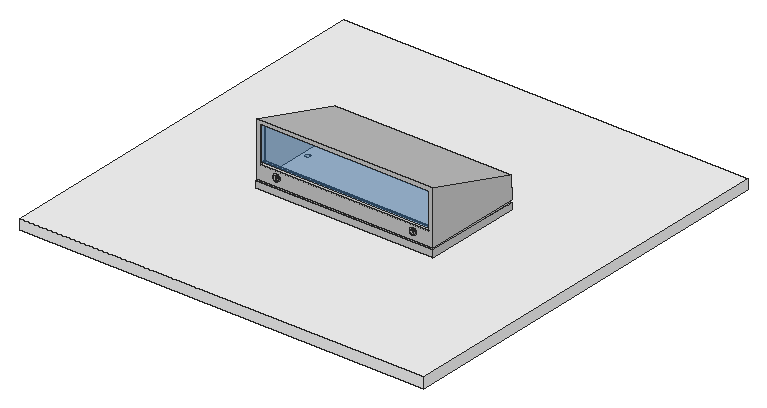
Revit family "BE_22261_de_DE", category Leuchten, Revit 2015
Parameters (values of type "BEGA_22261_Silber_K4")
  built-in parameter 1150104 = 12.387 (stored number, unit not read)
  Wattage = 4.2 W
  Default Elevation = 0 mm
  built-in parameter 1150113 = 1 (stored number, unit not read)
  built-in parameter 1114218 = 1 (stored number, unit not read)
  Umgebungstemperatur = "25 °C"
  URL = "http://www.bega.de/produkt/22261"
  Typenkommentare = "© 2016 BEGA. Wir behalten uns das Recht vor, technische Änderungen ohne vorherige Ankündigung vorzunehmen."  # constant formula
  Type Image = 22261.png
  built-in parameter 1150134 = 12
  built-in parameter 1150109 = 1 (stored number, unit not read)
  Strom = ""
  built-in parameter 1150110 = 1 (stored number, unit not read)
  Spannung = 0 V
  Sonderanfertigung = no
  Seriennummer [instance] = "Hier können Sie die eindeutige Seriennummer für das Facility Management eintragen."
  Schutzklasse = "I"
  Schutzart = "IP 64"
  Scheinlast = 0 VA
  Produktdatenblatt = "http://www.bega.de/download/Xrfa/db/22261.db.de.pdf"
  Oberflächentemperatur = ""
  Neigungswinkel = 0.00°
  Modell = "22261AK4"
  Material_10 = BEGA_Glas_matt
  Material_06 = BEGA_Oberfläche_Edelstahl_gebürstet
  Material_02 = BEGA_Oberfläche_Silber_matt
  Material_01 [instance] = BEGA_Oberfläche_Grafit_matt
  M_W = no
  M_G = no
  M_A = yes
  Logo = 0
  built-in parameter 1114217 = 1 (stored number, unit not read)
  built-in parameter 1150139 = (empty or 0)
  built-in parameter 1150105 = 44.562 (stored number, unit not read)
  built-in parameter 1150114 = 1 (stored number, unit not read)
  Lumens = 559.986 lm
  built-in parameter 1150115 = 1 (stored number, unit not read)
  Leuchtenlichtstrom = "362 lm"
  Leuchtenanzahl = ""
  Lebensdauerkriterien = "L70 = 50.000 h"
  Lastklassifizierung = Beleuchtung
  built-in parameter 1150112 = 1 (stored number, unit not read)
  Lampenlichtstrom = "560 lm"
  Lampe = "LED 4.2 W"
  LED_Modulbezeichnung = "2x LED-0234/840"
  built-in parameter 1150142 = (empty or 0)
  Hersteller = "BEGA"  # constant formula
  Halbstreuwinkel = ""
  Gewicht = "0.7 kg"
  Gebrauchslageneinschränkung [instance] = ""
  Frequenz = "0/50-60 Hz"
  Farbwiedergabeindex = "Ra > 80"
  Farbtemperaturverschiebung bei Dämpfen der Lampe = <Keine Auswahl>
  Farbtemperatur = "4000 K"
  Color Filter = 16777215
  built-in parameter 1150133 = 10 (stored number, unit not read)
  Energieeffizienzklasse = "LED A++ - A"
  built-in parameter 1150137 = (empty or 0)
  built-in parameter 1150132 = (empty or 0)
  ENEC = "ja"
  Datei für fotometrisches Netz = "BE_22261K4.IES"
  CE_Konformität = "ja"
  Bestellnummer = "22261AK4"
  Beschreibung_Sonderanfertigung = "Hier können Sie Informationen zur Sonderanfertigung eintragen."
  Beschreibung = "Wandleuchte"
  built-in parameter 1150106 = 0.44562 (stored number, unit not read)
  Befestigungsbohrung = "Ø 4,3 mm"
  Befestigungsabstand = "150 mm"
  Ballwurfsicher = ""
  BEGA_Intern_aus = yes
  BEGA_Intern_an = yes
  BEGA_Intern_Konstruktion = yes
  BEGA_Intern = yes
  BEGA_IES = yes
  BEGA_Dummy = no
  Anschlussleitung = ""
  Anschlussleistung [instance] = "5.8 W"
  built-in parameter 1150107 = 4000 (stored number, unit not read)
  built-in parameter 1150102 = (empty or 0)
  built-in parameter 1150138 = (empty or 0)
  Aktualisierung = "2016-06-16T04:10:53"
  Abstand_zur_angestrahlten_Fläche [instance] = ""
  AC/DC = "AC/DC"
Types (4, lengths in mm): name | built-in parameter 1150134 | Modell | M_G | M_A | LED_Modulbezeichnung | Farbtemperatur | Datei für fotometrisches Netz | Bestellnummer | built-in parameter 1150107
  BEGA_22261_Grafit_K4 | 12 | "22261K4" | yes | no | "2x LED-0234/840" | "4000 K" | "BE_22261K4.IES" | "22261K4" | 4000 (stored number, unit not read)
  BEGA_22261_Silber_K4 | 12 | "22261AK4" | no | yes | "2x LED-0234/840" | "4000 K" | "BE_22261K4.IES" | "22261AK4" | 4000 (stored number, unit not read)
  BEGA_22261_Silber_K3 | (empty or 0) | "22261A" | no | yes | "2x LED-0234/830 " | "3000 K" | "BE_22261.IES" | "22261A" | 3000 (stored number, unit not read)
  BEGA_22261_Grafit_K3 | (empty or 0) | "22261" | yes | no | "2x LED-0234/830 " | "3000 K" | "BE_22261.IES" | "22261" | 3000 (stored number, unit not read)
Reference planes
  plane 1 "Mitte (Vorne/Hinten)": y = 0
  plane 2: z = 0
  plane 3 "Mitte (Links/Rechts)": x = 0
  plane 4 "Links": x = -87.662
  plane 5 "Rechts": x = 87.662
  plane 6 "Unten": y = -48.412
  plane 7 "Oben": y = 48.412
  plane 8 "Vorne": z = 61.226
Forms (mm)
  Extrusion 1, solid, material "BEGA_Platte_Weiss"
    sketch origin (0, -1119.2, 0) x (1, 0, 0) y (0, 1, 0)
      loop
        line (-200, 1319.2) -> (-200, 919.2) -> (200, 919.2) -> (200, 1319.2) -> (-200, 1319.2)
    from 0 to -10
  Extrusion 2, solid, material "BEGA_Dummy_matt", visible <- "BEGA_Dummy"
    sketch origin (80.095, -76.023, 0) x (1, 0, 0) y (0, 1, 0)
      loop
        line (-167.758, 124.435) -> (-167.758, 27.611) -> (7.567, 27.611) -> (7.567, 124.435) -> (-167.758, 124.435)
    from 0 to 61.226
Dimensions and locks
  plane 1 "Mitte (Vorne/Hinten)" to Extrusion 1 = 200 mm
  aligned and locked: plane 2 to Extrusion 1
  aligned and locked: level to Extrusion 1
Nested families
  nested 1: "BE_22261" at (0, 0, 0) x (0, -1, 0) z (0, 0, 1), type "BE_22261"
Connectors
  electrical at (0, 0, 0), driven by "Lastklassifizierung", driven by "Spannung", driven by "Scheinlast"
    settings: index 1, voltage 0 V, apparent load 0 VA, apparent load phase1 0 VA, apparent load phase2 0 VA, apparent load phase3 0 VA, power factor 1, load classification "Beleuchtung", number of poles 1, system type 31, power factor state 1, is connector primary yes, connector utility no, sub classification motor no, connector description ""
Definition of nested family "BE_22261"
  Parameters (values of type "BE_22261")
    Default Elevation = 1 mm
    URL = "http://www.bega.de/de/produkt"
    Type Comments = "© 2015 BEGA. Wir behalten uns das Recht vor, technische Änderungen ohne vorherige Ankündigung vorzunehmen. "  # constant formula
    Type Image = (empty or 0)
    Material_17 = none
    Material_15 = none
    Material_11 = none
    Material_10 = none
    Material_09 = none
    Material_06 = none
    Material_03 = none
    Material_02 = none
    Material_01 = none
    M_W = yes
    M_G = yes
    M_A = yes
    Länge_Platte = 200 mm  # constant formula
    Höhe_Platte = -10 mm  # constant formula
    Manufacturer = "BEGA"  # constant formula
    Breite_Platte = 200 mm  # constant formula
  Reference planes
    plane 1 "Mitte (Oben/Unten)": y = 0
    plane 2: z = 0
    plane 3 "Mitte (Links/Rechts)": x = 0
    plane 4 "Vorne": z = 61.226
    plane 5 "Links": x = -48.412
    plane 6 "Oben": y = 87.662
    plane 7: x = 48.412
    plane 8: y = -87.662
  Forms (mm)
    Extrusion 1, solid, detail levels medium
      sketch origin (0, 0, 0) x (1, 0, 0) y (0, 1, 0)
        loop
          line (-100, 100) -> (-100, -100) -> (100, -100) -> (100, 100) -> (-100, 100)
      from 0 to -10 <- "Höhe_Platte"
    Sweep 2, solid, material <- "Material_01", visible <- "M_G", detail levels medium+fine
      path origin (0, 0, 0) x (1, 0, 0) y (0, 1, 0)
        loop
          line (48.412, -87.662) -> (48.412, 87.662) -> (-48.412, 87.662) -> (-48.412, -87.662) -> (48.412, -87.662)
      profile origin (48.412, 0, 0) x (-1, 0, 0) y (0, 0, 1)
        loop
          line (0, 0) -> (6.491, 0) -> (6.962, 9) -> (9.488, 9) -> (9.488, 11.3) -> (4.027, 11.3) -> (1.027, 8.3) -> (1.027, 6.2) -> (0.162, 6.2) -> (0, 0)
    Extrusion 3, solid, material <- "Material_01", visible <- "M_G", detail levels medium+fine
      sketch origin (0, 0, 0) x (1, 0, 0) y (0, 1, 0)
        loop
          line (-38.924, -78.174) -> (38.924, -78.174) -> (38.924, 78.174) -> (-38.924, 78.174) -> (-38.924, -78.174)
      from 9 to 11.3
    Extrusion 4, solid, material <- "Material_01", visible <- "M_G", detail levels medium+fine
      sketch origin (0, 0, 0) x (1, 0, 0) y (0, 0, 1)
        loop
          line (-47.855, 30.924) -> (-48.25, 8.3) -> (-47.385, 8.3) -> (-45.173, 10.512) -> (-44.533, 28.826) -> (43.75, 56.662) -> (43.75, 11.935) -> (47.385, 8.3) -> (48.25, 8.3) -> (48.25, 61.226) -> (-47.855, 30.924)
      from -87.503 to 87.478
    Extrusion 5, solid, material <- "Material_01", visible <- "M_G", detail levels medium+fine
      sketch origin (0, 0, 0) x (1, 0, 0) y (0, 0, 1)
        loop
          line (48.25, 61.226) -> (-47.855, 30.924) -> (-48.25, 8.3) -> (48.25, 8.3) -> (48.25, 61.226)
      from -87.503 to -82.402
    Extrusion 6, solid, material <- "Material_01", visible <- "M_G", detail levels medium+fine
      sketch origin (0, 0, 0) x (1, 0, 0) y (0, 0, -1)
        loop
          line (48.25, -61.226) -> (48.25, -8.3) -> (-48.25, -8.3) -> (-47.855, -30.924) -> (48.25, -61.226)
      from -87.478 to -81.946
    Extrusion 7, void
      sketch origin (0, 0, 0) x (1, 0, 0) y (0, 0, 1)
        loop
          line (48.25, 57.906) -> (43.75, 57.906) -> (43.75, 22.277) -> (48.25, 22.277) -> (48.25, 57.906)
      from -83.496 to 83.496
    Extrusion 8, solid, material <- "Material_10", detail levels medium+fine
      sketch origin (0, 0, 0) x (1, 0, 0) y (0, 0, 1)
        loop
          line (43.76, 57.192) -> (43.76, 23.392) -> (47.76, 23.392) -> (47.76, 57.192) -> (43.76, 57.192)
      from -82.953 to 82.759
    Revolve 9, solid, material <- "Material_06", detail levels fine
      sketch origin (0, -67.515, 0) x (1, 0, 0) y (0, 0, 1)
        loop
          line (47.496, 16.091) -> (47.496, 12.898) -> (48.75, 12.898) -> (48.75, 14.091) -> (49.55, 14.091) -> (49.55, 16.091) -> (47.496, 16.091)
        axis (49.55, 16.091) -> (47.496, 16.091)
      angle from 0 to 360
    Revolve 10, solid, material <- "Material_06", detail levels fine
      sketch origin (0, 67.515, 0) x (1, 0, 0) y (0, 0, -1)
        loop
          line (47.496, -16.091) -> (49.55, -16.091) -> (49.55, -14.091) -> (48.75, -14.091) -> (48.75, -12.898) -> (47.496, -12.898) -> (47.496, -16.091)
        axis (49.55, -16.091) -> (47.496, -16.091)
      angle from 0 to 360
    Sweep 11, solid, material <- "Material_02", visible <- "M_A", detail levels medium+fine
      path origin (0, 0, 0) x (1, 0, 0) y (0, 1, 0)
        loop
          line (48.412, -87.662) -> (48.412, 87.662) -> (-48.412, 87.662) -> (-48.412, -87.662) -> (48.412, -87.662)
      profile origin (48.412, 0, 0) x (-1, 0, 0) y (0, 0, 1)
        loop
          line (0, 0) -> (6.491, 0) -> (6.962, 9) -> (9.488, 9) -> (9.488, 11.3) -> (4.027, 11.3) -> (1.027, 8.3) -> (1.027, 6.2) -> (0.162, 6.2) -> (0, 0)
    Extrusion 12, solid, material <- "Material_02", visible <- "M_A", detail levels medium+fine
      sketch origin (0, 0, 0) x (1, 0, 0) y (0, 1, 0)
        loop
          line (-38.924, -78.174) -> (38.924, -78.174) -> (38.924, 78.174) -> (-38.924, 78.174) -> (-38.924, -78.174)
      from 9 to 11.3
    Extrusion 13, solid, material <- "Material_02", visible <- "M_A", detail levels medium+fine
      sketch origin (0, 0, 0) x (1, 0, 0) y (0, 0, 1)
        loop
          line (-47.855, 30.924) -> (-48.25, 8.3) -> (-47.385, 8.3) -> (-45.173, 10.512) -> (-44.533, 28.826) -> (43.75, 56.662) -> (43.75, 11.935) -> (47.385, 8.3) -> (48.25, 8.3) -> (48.25, 61.226) -> (-47.855, 30.924)
      from -87.503 to 87.478
    Extrusion 14, solid, material <- "Material_02", visible <- "M_A", detail levels medium+fine
      sketch origin (0, 0, 0) x (1, 0, 0) y (0, 0, 1)
        loop
          line (48.25, 61.226) -> (-47.855, 30.924) -> (-48.25, 8.3) -> (48.25, 8.3) -> (48.25, 61.226)
      from -87.503 to -82.402
    Extrusion 15, solid, material <- "Material_02", visible <- "M_A", detail levels medium+fine
      sketch origin (0, 0, 0) x (1, 0, 0) y (0, 0, -1)
        loop
          line (48.25, -61.226) -> (48.25, -8.3) -> (-48.25, -8.3) -> (-47.855, -30.924) -> (48.25, -61.226)
      from -87.478 to -81.946
    Extrusion 16, void
      sketch origin (0, 0, 0) x (1, 0, 0) y (0, 1, 0)
        loop
          circle (0, -75) r 2.163
        loop
          circle (0, 75) r 2.163
        loop
          circle (-27.65, 25) r 8.5
        loop
          circle (-27.65, 50) r 8.5
      from 0 to 16.091
    Extrusion 17, void
      sketch origin (0, 0, 0) x (0, 1, 0) y (0, 0, 1)
        loop
          line (-87.478, 8.3) -> (-86.522, 63.088) -> (-87.478, 63.088) -> (-87.478, 8.3)
        loop
          line (87.503, 8.3) -> (87.503, 63.088) -> (86.547, 63.088) -> (87.503, 8.3)
      from -50.647 to 52.023
  Cuts and joins
    Extrusion 16 cuts Sweep 2
    Extrusion 16 cuts Extrusion 3
    joined: Sweep 2, Extrusion 3
    Extrusion 7, Extrusion 16, Extrusion 17 cuts Extrusion 4
    Extrusion 7, Extrusion 16, Extrusion 17 cuts Extrusion 5
    Extrusion 7, Extrusion 16, Extrusion 17 cuts Extrusion 6
    joined: Extrusion 4, Extrusion 5, Extrusion 6
    Extrusion 16 cuts Sweep 11
    Extrusion 16 cuts Extrusion 12
    joined: Sweep 11, Extrusion 12
    Extrusion 7, Extrusion 16, Extrusion 17 cuts Extrusion 13
    Extrusion 7, Extrusion 16, Extrusion 17 cuts Extrusion 14
    Extrusion 7, Extrusion 16, Extrusion 17 cuts Extrusion 15
    joined: Extrusion 13, Extrusion 14, Extrusion 15
  Dimensions and locks
    equal spacing: Extrusion 1 sketch curve, plane 3 "Mitte (Links/Rechts)", Extrusion 1 sketch curve
    equal spacing: Extrusion 1 sketch curve, plane 1 "Mitte (Oben/Unten)", Extrusion 1 sketch curve
    "Länge_Platte": Extrusion 1 sketch curve to Extrusion 1 sketch curve
    "Breite_Platte": Extrusion 1 sketch curve to Extrusion 1 sketch curve
    aligned and locked: Extrusion 1 to plane 2
    aligned and locked: level to Extrusion 1
  Automatic sketch dimensions
    Sweep 2 sketch curve to plane 3 "Mitte (Links/Rechts)" = 48.412 mm
    plane 3 "Mitte (Links/Rechts)" to Sweep 2 sketch curve = 48.412 mm
    plane 1 "Mitte (Oben/Unten)" to Sweep 2 sketch curve = 87.662 mm
    Sweep 2 sketch curve to plane 1 "Mitte (Oben/Unten)" = 87.662 mm
    Sweep 2 sketch curve to level = 0 mm
    Sweep 2 sketch curve to profile plane = 0 mm
    Sweep 2 sketch curve to profile plane = 0.162 mm
    Sweep 2 sketch curve to profile plane = 1.027 mm
    Sweep 2 sketch curve to profile plane = 4.027 mm
    Sweep 2 sketch curve to profile plane = 6.491 mm
    Sweep 2 sketch curve to Sweep 2 sketch curve = 2.935 mm
    Sweep 2 sketch curve to Sweep 2 sketch curve = 2.526 mm
    level to Sweep 2 sketch curve = 6.2 mm
    Sweep 2 sketch curve to Sweep 2 sketch curve = 2.1 mm
    Sweep 2 sketch curve to Sweep 2 sketch curve = 0.7 mm
    Sweep 2 sketch curve to Sweep 2 sketch curve = 2.3 mm
    Extrusion 3 sketch curve to plane 3 "Mitte (Links/Rechts)" = 38.924 mm
    plane 3 "Mitte (Links/Rechts)" to Extrusion 3 sketch curve = 38.924 mm
    plane 1 "Mitte (Oben/Unten)" to Extrusion 3 sketch curve = 78.174 mm
    Extrusion 3 sketch curve to plane 1 "Mitte (Oben/Unten)" = 78.174 mm
    level to Extrusion 4 sketch curve = 8.3 mm  (x2)
    Extrusion 4 sketch curve to plane 3 "Mitte (Links/Rechts)" = 48.25 mm
    Extrusion 4 sketch curve to Extrusion 4 sketch curve = 0.395 mm
    Extrusion 4 sketch curve to Extrusion 4 sketch curve = 0.865 mm
    level to Extrusion 4 sketch curve = 10.512 mm
    Extrusion 4 sketch curve to Extrusion 4 sketch curve = 2.212 mm
    Extrusion 4 sketch curve to Extrusion 4 sketch curve = 3.322 mm
    level to Extrusion 4 sketch curve = 11.935 mm
    plane 3 "Mitte (Links/Rechts)" to Extrusion 4 sketch curve = 43.75 mm
    Extrusion 4 sketch curve to Extrusion 4 sketch curve = 3.635 mm
    Extrusion 4 sketch curve to Extrusion 4 sketch curve = 4.5 mm
    Extrusion 4 sketch curve to Extrusion 4 sketch curve = 18.314 mm
    Extrusion 4 sketch curve to Extrusion 4 sketch curve = 2.098 mm
    Extrusion 4 sketch curve to Extrusion 4 sketch curve = 44.726 mm
    Extrusion 4 sketch curve to Extrusion 4 sketch curve = 4.564 mm
    level to Extrusion 5 sketch curve = 8.3 mm
    Extrusion 5 sketch curve to plane 3 "Mitte (Links/Rechts)" = 48.25 mm
    Extrusion 5 sketch curve to Extrusion 5 sketch curve = 0.395 mm
    plane 3 "Mitte (Links/Rechts)" to Extrusion 5 sketch curve = 48.25 mm
    Extrusion 5 sketch curve to Extrusion 5 sketch curve = 22.625 mm
    Extrusion 5 sketch curve to Extrusion 5 sketch curve = 52.926 mm
    level to Extrusion 6 sketch curve = 8.3 mm
    Extrusion 6 sketch curve to plane 3 "Mitte (Links/Rechts)" = 48.25 mm
    Extrusion 6 sketch curve to Extrusion 6 sketch curve = 0.395 mm
    plane 3 "Mitte (Links/Rechts)" to Extrusion 6 sketch curve = 48.25 mm
    Extrusion 6 sketch curve to Extrusion 6 sketch curve = 22.625 mm
    Extrusion 6 sketch curve to Extrusion 6 sketch curve = 52.926 mm
    plane 3 "Mitte (Links/Rechts)" to Extrusion 7 sketch curve = 43.75 mm
    Extrusion 7 sketch curve to Extrusion 7 sketch curve = 4.5 mm
    level to Extrusion 7 sketch curve = 22.277 mm
    Extrusion 7 sketch curve to Extrusion 7 sketch curve = 35.63 mm
    plane 3 "Mitte (Links/Rechts)" to Extrusion 8 sketch curve = 43.76 mm
    Extrusion 8 sketch curve to Extrusion 8 sketch curve = 4 mm
    level to Extrusion 8 sketch curve = 23.392 mm
    Extrusion 8 sketch curve to Extrusion 8 sketch curve = 33.8 mm
    level to Revolve 9 sketch curve = 16.091 mm
    plane 3 "Mitte (Links/Rechts)" to Revolve 9 sketch curve = 47.496 mm
    Revolve 9 sketch curve to Revolve 9 sketch curve = 1.254 mm
    Revolve 9 sketch curve to Revolve 9 sketch curve = 0.8 mm
    Revolve 9 sketch curve to Revolve 9 sketch curve = 2 mm
    Revolve 9 sketch curve to Revolve 9 sketch curve = 1.193 mm
    Revolve 9 sketch curve to Revolve 9 sketch curve = 0 mm  (x3)
    level to Revolve 10 sketch curve = 16.091 mm
    plane 3 "Mitte (Links/Rechts)" to Revolve 10 sketch curve = 47.496 mm
    Revolve 10 sketch curve to Revolve 10 sketch curve = 1.254 mm
    Revolve 10 sketch curve to Revolve 10 sketch curve = 0.8 mm
    Revolve 10 sketch curve to Revolve 10 sketch curve = 2 mm
    Revolve 10 sketch curve to Revolve 10 sketch curve = 1.193 mm
    Revolve 10 sketch curve to Revolve 10 sketch curve = 0 mm  (x3)
    Sweep 11 sketch curve to plane 3 "Mitte (Links/Rechts)" = 48.412 mm
    plane 3 "Mitte (Links/Rechts)" to Sweep 11 sketch curve = 48.412 mm
    plane 1 "Mitte (Oben/Unten)" to Sweep 11 sketch curve = 87.662 mm
    Sweep 11 sketch curve to plane 1 "Mitte (Oben/Unten)" = 87.662 mm
    Sweep 11 sketch curve to level = 0 mm
    Sweep 11 sketch curve to profile plane = 0 mm
    Sweep 11 sketch curve to profile plane = 0.162 mm
    Sweep 11 sketch curve to profile plane = 1.027 mm
    Sweep 11 sketch curve to profile plane = 4.027 mm
    Sweep 11 sketch curve to profile plane = 6.491 mm
    Sweep 11 sketch curve to Sweep 11 sketch curve = 2.935 mm
    Sweep 11 sketch curve to Sweep 11 sketch curve = 2.526 mm
    level to Sweep 11 sketch curve = 6.2 mm
    Sweep 11 sketch curve to Sweep 11 sketch curve = 2.1 mm
    Sweep 11 sketch curve to Sweep 11 sketch curve = 0.7 mm
    Sweep 11 sketch curve to Sweep 11 sketch curve = 2.3 mm
    Extrusion 12 sketch curve to plane 3 "Mitte (Links/Rechts)" = 38.924 mm
    plane 3 "Mitte (Links/Rechts)" to Extrusion 12 sketch curve = 38.924 mm
    plane 1 "Mitte (Oben/Unten)" to Extrusion 12 sketch curve = 78.174 mm
    Extrusion 12 sketch curve to plane 1 "Mitte (Oben/Unten)" = 78.174 mm
    level to Extrusion 13 sketch curve = 8.3 mm  (x2)
    Extrusion 13 sketch curve to plane 3 "Mitte (Links/Rechts)" = 48.25 mm
    Extrusion 13 sketch curve to Extrusion 13 sketch curve = 0.395 mm
    Extrusion 13 sketch curve to Extrusion 13 sketch curve = 0.865 mm
    level to Extrusion 13 sketch curve = 10.512 mm
    Extrusion 13 sketch curve to Extrusion 13 sketch curve = 2.212 mm
    Extrusion 13 sketch curve to Extrusion 13 sketch curve = 3.322 mm
    level to Extrusion 13 sketch curve = 11.935 mm
    plane 3 "Mitte (Links/Rechts)" to Extrusion 13 sketch curve = 43.75 mm
    Extrusion 13 sketch curve to Extrusion 13 sketch curve = 3.635 mm
    Extrusion 13 sketch curve to Extrusion 13 sketch curve = 4.5 mm
    Extrusion 13 sketch curve to Extrusion 13 sketch curve = 18.314 mm
    Extrusion 13 sketch curve to Extrusion 13 sketch curve = 2.098 mm
    Extrusion 13 sketch curve to Extrusion 13 sketch curve = 44.726 mm
    Extrusion 13 sketch curve to Extrusion 13 sketch curve = 4.564 mm
    level to Extrusion 14 sketch curve = 8.3 mm
    Extrusion 14 sketch curve to plane 3 "Mitte (Links/Rechts)" = 48.25 mm
    Extrusion 14 sketch curve to Extrusion 14 sketch curve = 0.395 mm
    plane 3 "Mitte (Links/Rechts)" to Extrusion 14 sketch curve = 48.25 mm
    Extrusion 14 sketch curve to Extrusion 14 sketch curve = 22.625 mm
    Extrusion 14 sketch curve to Extrusion 14 sketch curve = 52.926 mm
    level to Extrusion 15 sketch curve = 8.3 mm
    Extrusion 15 sketch curve to plane 3 "Mitte (Links/Rechts)" = 48.25 mm
    Extrusion 15 sketch curve to Extrusion 15 sketch curve = 0.395 mm
    plane 3 "Mitte (Links/Rechts)" to Extrusion 15 sketch curve = 48.25 mm
    Extrusion 15 sketch curve to Extrusion 15 sketch curve = 22.625 mm
    Extrusion 15 sketch curve to Extrusion 15 sketch curve = 52.926 mm
    Extrusion 16 sketch curve to plane 3 "Mitte (Links/Rechts)" = 0 mm  (x2)
    Extrusion 16 sketch curve to plane 3 "Mitte (Links/Rechts)" = 27.65 mm
    Extrusion 16 sketch curve to Extrusion 16 sketch curve = 0 mm
    plane 1 "Mitte (Oben/Unten)" to Extrusion 16 sketch curve = 75 mm
    Extrusion 16 sketch curve to plane 1 "Mitte (Oben/Unten)" = 25 mm
    Extrusion 16 sketch curve to Extrusion 16 sketch curve = 25 mm  (x2)
    Extrusion 17 sketch curve to plane 8 = 0.184 mm
    Extrusion 17 sketch curve to Extrusion 17 sketch curve = 0.956 mm
    Extrusion 17 sketch curve to plane 6 "Oben" = 1.116 mm
    Extrusion 17 sketch curve to plane 6 "Oben" = 0.159 mm
    level to Extrusion 17 sketch curve = 8.3 mm  (x2)
    plane 4 "Vorne" to Extrusion 17 sketch curve = 1.861 mm  (x2)
    radius of Extrusion 16 sketch curve = 2.163 mm  (x2)
    radius of Extrusion 16 sketch curve = 8.5 mm  (x2)
